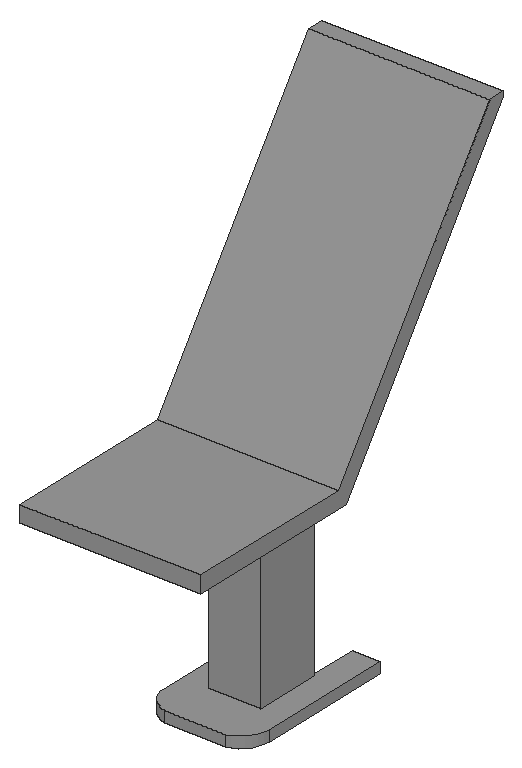
Revit family "AVLN_Кресло гинекологическое", category Мебель, Revit 2019
Family settings
  Номер OmniClass = 23.40.20.00
  Заголовок OmniClass = General Furniture and Specialties
  На основе рабочей плоскости = Нет
  Всегда вертикально = Да
  При загрузке вырезать с полостями = Нет
  Общий = Нет
  Точка расчета площади = Нет
Parameters (values of type "Кресло гинекологическое")
  Сиденье высота = 800 mm
  Описание = "Кресло гинекологическое"
  М.основы = Металл, окрашенный, белый, матовый
  Type Comments = ""
  Keynote = ""
  Manufacturer = ""
  Группа модели = "Оборудование поликлиники"
  ADSK_Размер_Ширина = 1365 mm
  ADSK_Размер_Длина = 655 mm
  ADSK_Размер_Высота = 1770 mm
  ADSK_Примечание [instance] = ""
  ADSK_Обозначение = ""
  ADSK_Наименование = "Кресло гинекологическое"
  ADSK_Масса = 0
  ADSK_Марка = ""
  ADSK_Код изделия = ""
  ADSK_Единица измерения = "шт"  # constant formula
Reference planes
  plane 1 "По центру (Вперед/Назад)": y = 0
  plane 2: z = 0
  plane 3 "По центру (Влево/Вправо)": x = 0
  plane 4: z = 1770
  plane 5: y = 682.5
  plane 6: x = 327.5
  plane 7: x = -327.5
  plane 8: y = -682.5
  plane 9: y = -417.5
  plane 10: z = 800
Forms (mm)
  Extrusion 1, solid, material "Металл, окрашенный, белый, матовый" <- "М.основы"
    sketch origin (-39.798, -471.224, 25) x (-1, 0, 0) y (0, -1, 0)
      loop
        line (150.202, -771.224) -> (150.202, -270.114)
        arc (150.202, -270.114) -> (126.892, -207.167) -> (70.202, -171.224) r 104.941
        line (70.202, -171.224) -> (-149.798, -171.224)
        arc (-149.798, -171.224) -> (-206.488, -207.167) -> (-229.798, -270.114) r 104.941
        line (-229.798, -270.114) -> (-229.798, -771.224) -> (-129.798, -771.224) -> (-129.798, -591.224) -> (50.202, -591.224) -> (50.202, -771.224) -> (150.202, -771.224)
    from -25 to 15
  Extrusion 2, solid, material "Металл, окрашенный, белый, матовый" <- "М.основы"
    sketch origin (0, 0, 0) x (0, 1, 0) y (0, 0, 1)
      loop
        line (-682.5, 800) -> (-682.5, 740) -> (-25.467, 740) -> (682.5, 1751.082) -> (682.5, 1770) -> (622.5, 1770) -> (-56.701, 800) -> (-682.5, 800)
    from -327.5 to 327.5
  Extrusion 3, solid, material "Металл, окрашенный, белый, матовый" <- "М.основы"
    sketch origin (0, -518.993, 592.976) x (-1, 0, 0) y (0, -1, 0)
      loop
        line (95, -638.993) -> (95, -398.993) -> (-95, -398.993) -> (-95, -638.993) -> (95, -638.993)
    from -552.976 to 147.024
Lines and regions (mm)
  symbolic lines
    curve 1: line (326.37, -682.5, 592.976) -> (-326.37, -682.5, 592.976)
    curve 2: line (-326.37, -682.5, 592.976) -> (-326.37, 417.503, 592.976)
    curve 3: line (-326.37, 417.503, 592.976) -> (-214.058, 682.99, 592.976)
    curve 4: line (-214.058, 682.99, 592.976) -> (216.318, 683.5, 592.976)
    curve 5: line (216.318, 683.5, 592.976) -> (326.37, 422.855, 592.976)
    curve 6: line (326.37, 422.855, 592.976) -> (326.37, -682.5, 592.976)
    curve 7: line (326.37, -457.498, 592.976) -> (-326.37, -457.498, 592.976)
    curve 8: arc (151.127, -457.498, 592.976) -> (1.131, -353.198, 592.976) -> (-148.866, -457.498, 592.976) r 160.007
    curve 9: arc (-326.37, -527.854, 592.976) -> (-426.37, -627.854, 592.976) -> (-526.37, -527.854, 592.976) r 100
    curve 10: line (-526.37, -527.854, 592.976) -> (-526.37, -377.854, 592.976)
    curve 11: arc (-326.37, -377.854, 592.976) -> (-426.37, -277.854, 592.976) -> (-526.37, -377.854, 592.976) r 100
    curve 12: arc (326.37, -527.854, 592.976) -> (426.37, -627.854, 592.976) -> (526.37, -527.854, 592.976) r 100
    curve 13: line (526.37, -527.854, 592.976) -> (526.37, -377.854, 592.976)
    curve 14: arc (326.37, -377.854, 592.976) -> (426.37, -277.854, 592.976) -> (526.37, -377.854, 592.976) r 100
    curve 15: line (326.37, -207.502, 592.976) -> (-326.37, -207.502, 592.976)
  symbolic lines, not visible
    curve 16: line (1898.214, 1105.355, 592.976) -> (2550.954, 1105.355, 592.976)
    curve 17: line (2550.954, 1105.355, 592.976) -> (2550.954, 5.352, 592.976)
    curve 18: line (2550.954, 5.352, 592.976) -> (2438.642, -260.135, 592.976)
    curve 19: line (2438.642, -260.135, 592.976) -> (2008.266, -260.645, 592.976)
    curve 20: line (2008.266, -260.645, 592.976) -> (1898.214, 0, 592.976)
    curve 21: line (1898.214, 0, 592.976) -> (1898.214, 1105.355, 592.976)
    curve 22: line (1898.214, 880.352, 592.976) -> (2550.954, 880.352, 592.976)
    curve 23: arc (2073.457, 880.352, 592.976) -> (2223.453, 776.052, 592.976) -> (2373.449, 880.352, 592.976) r 160.007
    curve 24: arc (2550.954, 950.708, 592.976) -> (2650.954, 1050.708, 592.976) -> (2750.954, 950.708, 592.976) r 100
    curve 25: line (2750.954, 950.708, 592.976) -> (2750.954, 800.708, 592.976)
    curve 26: arc (2550.954, 800.708, 592.976) -> (2650.954, 700.708, 592.976) -> (2750.954, 800.708, 592.976) r 100
    curve 27: arc (1898.214, 950.708, 592.976) -> (1798.214, 1050.708, 592.976) -> (1698.214, 950.708, 592.976) r 100
    curve 28: line (1698.214, 950.708, 592.976) -> (1698.214, 800.708, 592.976)
    curve 29: arc (1898.214, 800.708, 592.976) -> (1798.214, 700.708, 592.976) -> (1698.214, 800.708, 592.976) r 100
    curve 30: line (1898.214, 630.356, 592.976) -> (2550.954, 630.356, 592.976)
Dimensions and locks
  plane 2 to plane 4 = 1770 mm
  equal spacing: plane 8, plane 1 "По центру (Вперед/Назад)", plane 5
  equal spacing: plane 7, plane 3 "По центру (Влево/Вправо)", plane 6
  "ADSK_Размер_Длина": plane 7 to plane 6
  "ADSK_Размер_Ширина": plane 5 to plane 8
  "ADSK_Размер_Высота": plane 2 to plane 4
  plane 9 to plane 8 = 265 mm
  equal spacing: Extrusion 1, plane 3 "По центру (Влево/Вправо)", Extrusion 1
  plane 1 "По центру (Вперед/Назад)" to Extrusion 1 = 120 mm
  plane 1 "По центру (Вперед/Назад)" to Extrusion 1 = 300 mm  (x2)
  plane 2 to Extrusion 1 = 40 mm
  "Сиденье высота": plane 10 to plane 2
  locked: Extrusion 2 sketch curve to Extrusion 2 sketch curve at 60  (x2)
  locked: plane 5 to Extrusion 2 sketch curve at 60
  locked: Extrusion 2 sketch curve to plane 4 at 18.918
  equal spacing: Extrusion 3 sketch curve, plane 3 "По центру (Влево/Вправо)", Extrusion 3 sketch curve
  equal spacing: Extrusion 3 sketch curve, plane 1 "По центру (Вперед/Назад)", Extrusion 1
  equal spacing: Extrusion 1 sketch curve, plane 3 "По центру (Влево/Вправо)", Extrusion 1 sketch curve
  aligned and locked: level to plane 2
  aligned and locked: Extrusion 1 to plane 2
  aligned and locked: plane 10 to Extrusion 2 sketch curve
  aligned and locked: plane 8 to Extrusion 2 sketch curve
  aligned and locked: Extrusion 2 sketch curve to plane 4
  aligned and locked: plane 5 to Extrusion 2 sketch curve
  aligned and locked: Extrusion 2 to plane 7
  aligned and locked: plane 6 to Extrusion 2
  aligned and locked: Extrusion 3 to Extrusion 1
  aligned and locked: Extrusion 3 to Extrusion 2
  aligned and locked: plane 8 to curve 1
Automatic sketch dimensions
  plane 3 "По центру (Влево/Вправо)" to Extrusion 1 sketch curve = 85.103 mm
  Extrusion 1 sketch curve to plane 3 "По центру (Влево/Вправо)" = 85.103 mm
  Extrusion 1 sketch curve to plane 1 "По центру (Вперед/Назад)" = 300 mm
  Extrusion 1 sketch curve to Extrusion 1 sketch curve = 0 mm  (x2)
  Extrusion 1 sketch curve to plane 1 "По центру (Вперед/Назад)" = 120 mm
  plane 1 "По центру (Вперед/Назад)" to Extrusion 1 sketch curve = 198.055 mm
  Extrusion 1 sketch curve to Extrusion 1 sketch curve = 3.055 mm  (x2)
  Extrusion 1 sketch curve to Extrusion 1 sketch curve = 80 mm
  Extrusion 1 sketch curve to Extrusion 1 sketch curve = 24.897 mm  (x2)
  Extrusion 3 sketch curve to plane 1 "По центру (Вперед/Назад)" = 120 mm
  plane 3 "По центру (Влево/Вправо)" to Extrusion 3 sketch curve = 95 mm
  plane 3 "По центру (Влево/Вправо)" to Extrusion 1 sketch curve = 90 mm
